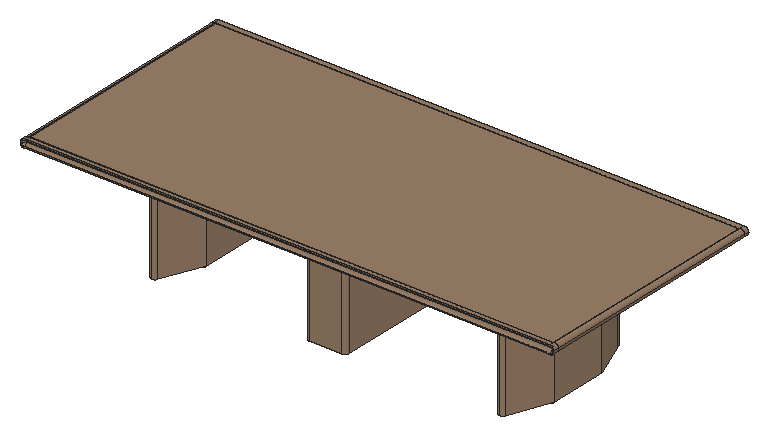
Revit family "Table-Teknion-CFTBCH_Figure_Table_Rectangular_Hexa_Panel_Base_Bullnose_Cove_Edge-R2023", category Furniture, Revit 2023 (continued)
Definition of nested family "Softened Panel"
  Lines and regions (in)
    symbolic lines, detail levels fine
      curve 52: arc (4.14645, 16.646, 0) -> (3.64645, 16.146, 0) -> (3.14645, 16.646, 0) r 0.5
      curve 53: line (3.82713, -16.3335, 0) -> (3.46628, -16.3335, 0)
      curve 54: line (3.46628, -16.3335, 0) -> (3.28586, -16.646, 0)
      curve 55: line (3.28586, -16.646, 0) -> (3.46628, -16.9585, 0)
      curve 56: line (3.46628, -16.9585, 0) -> (3.82713, -16.9585, 0)
      curve 57: line (3.82713, -16.9585, 0) -> (4.00755, -16.646, 0)
      curve 58: line (4.00755, -16.646, 0) -> (3.82713, -16.3335, 0)
      curve 59: arc (4.14645, -16.646, 0) -> (3.64645, -16.146, 0) -> (3.14645, -16.646, 0) r 0.5
      curve 60: arc (3.14645, -16.646, 0) -> (3.64645, -17.146, 0) -> (4.14645, -16.646, 0) r 0.5
      curve 61: arc (-3.14645, -16.646, 0) -> (-3.64645, -16.146, 0) -> (-4.14645, -16.646, 0) r 0.5
      curve 62: arc (-4.14645, -16.646, 0) -> (-3.64645, -17.146, 0) -> (-3.14645, -16.646, 0) r 0.5
      curve 63: line (-3.46628, -16.3335, 0) -> (-3.82713, -16.3335, 0)
      curve 64: line (-3.82713, -16.3335, 0) -> (-4.00755, -16.646, 0)
      curve 65: line (-4.00755, -16.646, 0) -> (-3.82713, -16.9585, 0)
      curve 66: line (-3.82713, -16.9585, 0) -> (-3.46628, -16.9585, 0)
      curve 67: line (-3.46628, -16.9585, 0) -> (-3.28586, -16.646, 0)
      curve 68: line (-3.28586, -16.646, 0) -> (-3.46628, -16.3335, 0)
    symbolic lines, visible <- "2D - 30W", detail levels fine
      curve 31: line (-5, 3, 0) -> (-4.25, 3, 0)
      curve 32: line (-5, -3, 0) -> (-4.25, -3, 0)
      curve 33: line (4.25, -3, 0) -> (5, -3, 0)
      curve 34: line (4.25, 3, 0) -> (5, 3, 0)
    symbolic lines, visible <- "2D - 36W", detail levels medium+fine
      curve 35: line (5, 5, 0) -> (-5, 5, 0)
      curve 36: line (-5, -5, 0) -> (5, -5, 0)
  Dimensions and locks (in)
    plane 4 "Left" to plane 5 "Right" = 10.000"
    "Panel Width": plane 6 "Back" to plane 7 "Front"
    locked: plane 8 "Top" to level at 26.75
    equal spacing: plane 6 "Back", plane 1 "Center Front/Back", plane 7 "Front"
    equal spacing: plane 4 "Left", plane 3 "Center Left/Right", plane 5 "Right"
    locked: plane 6 "Back" to plane 10 "2" at 1.354
    locked: plane 7 "Front" to plane 9 "1" at 1.354
    locked: plane 11 to plane 2 at 0.5
    locked: Revolve 1 sketch curve to plane 2 at 0.25
    Revolve 1 sketch curve to Revolve 1 sketch curve to plane 4 "Left" = 0.500" locked, 0.85355" locked
    locked: Revolve 2 sketch curve to plane 2 at 0.25
    Revolve 2 sketch curve to Revolve 2 sketch curve to plane 5 "Right" = 0.500" locked, 1.35355" locked
    locked: Revolve 2 sketch curve to plane 5 "Right" at 1.35355
    Revolve 3 sketch curve to Revolve 3 sketch curve to plane 4 "Left" = 0.500" locked, 0.85355" locked
    locked: Revolve 3 sketch curve to plane 2 at 0.25
    locked: Revolve 4 sketch curve to plane 2 at 0.25
    Revolve 4 sketch curve to Revolve 4 sketch curve to plane 5 "Right" = 0.500" locked, 1.35355" locked
    locked: Revolve 4 sketch curve to plane 5 "Right" at 1.35355
    locked: Sweep 5 sketch curve to plane 2 at 0.25
    plane 4 "Left" to Sweep 5 sketch curve to Sweep 5 sketch curve to Sweep 5 sketch curve to Sweep 5 sketch curve to Sweep 5 sketch curve to Sweep 5 sketch curve = 0.99245" locked, 0.18042" locked, 0.000" locked, 0.36084" locked, 0.000" locked, 0.18042" locked  (x2)
    Sweep 5 sketch curve to Sweep 5 sketch curve to Sweep 5 sketch curve to Sweep 5 sketch curve to Sweep 5 sketch curve to Sweep 5 sketch curve to plane 5 "Right" = 0.18042" locked, 0.000" locked, 0.36084" locked, 0.000" locked, 0.18042" locked, 0.99245" locked  (x2)
    Sweep 5 sketch curve to plane 9 "1" to Sweep 5 sketch curve = 0.3125" locked, 0.3125" locked  (x2)
    Sweep 5 sketch curve to plane 10 "2" to Sweep 5 sketch curve = 0.3125" locked, 0.3125" locked  (x2)
    locked: plane 4 "Left" to Revolve 1 sketch curve at 1.35355
    locked: plane 4 "Left" to Revolve 3 sketch curve at 1.35355
    locked: plane 6 "Back" to Sweep 6 sketch curve at 1  (x2)
    locked: plane 7 "Front" to Sweep 6 sketch curve at 1  (x2)
    locked: plane 4 "Left" to Sweep 6 sketch curve at 1  (x2)
    locked: Sweep 6 sketch curve to plane 5 "Right" at 1  (x2)
    "Cut 1": Sweep 7 sketch curve to Sweep 7 sketch curve
    Sweep 7 sketch curve to Sweep 7 sketch curve to plane 1 "Center Front/Back" to Sweep 7 sketch curve to Sweep 7 sketch curve = 0.500" locked, 4.500" locked, 4.500" locked, 0.500" locked
    Sweep 7 sketch curve to plane 8 "Top" to Sweep 7 sketch curve = 0.750" locked, 2.750" locked
    locked: Sweep 8 sketch curve to plane 11 at 0.75
    locked: plane 8 "Top" to Sweep 8 sketch curve at 0.75
    locked: Sweep 8 sketch curve to plane 7 "Front" at 0.75
    locked: Sweep 8 sketch curve to plane 6 "Back" at 0.75
    locked: plane 4 "Left" to Sweep 8 sketch curve at 0.75
    locked: Sweep 8 sketch curve to plane 5 "Right" at 0.75
    locked: Sweep 9 sketch curve to plane 2 at 2
    Sweep 9 sketch curve to Sweep 9 sketch curve to Sweep 9 sketch curve to Sweep 9 sketch curve to Sweep 9 sketch curve to plane 1 "Center Front/Back" to Sweep 9 sketch curve to Sweep 9 sketch curve to Sweep 9 sketch curve to Sweep 9 sketch curve to Sweep 9 sketch curve = 0.500" locked, 0.000" locked, 1.85425" locked, 0.000" locked, 2.64575" locked, 2.64575" locked, 0.000" locked, 1.85425" locked, 0.000" locked, 0.500" locked
    Sweep 9 sketch curve to Sweep 9 sketch curve to plane 3 "Center Left/Right" to Sweep 9 sketch curve to Sweep 9 sketch curve = 0.500" locked, 2.500" locked, 2.500" locked, 0.500" locked
    Sweep 10 sketch curve to Sweep 10 sketch curve to plane 3 "Center Left/Right" = 5.000" locked, 2.500" locked
    Sweep 10 sketch curve to Sweep 10 sketch curve to Sweep 10 sketch curve to Sweep 10 sketch curve to plane 11 = 1.500" locked, 16.400" locked, 0.100" locked, 4.000" locked
    Sweep 10 sketch curve to Sweep 10 sketch curve to Sweep 10 sketch curve to plane 1 "Center Front/Back" to Sweep 10 sketch curve to Sweep 10 sketch curve to Sweep 10 sketch curve = 0.100" locked, 0.400" locked, 3.500" locked, 3.500" locked, 0.400" locked, 0.100" locked
    locked: Sweep 7 sketch curve to plane 4 "Left" at 2.5
    locked: plane 3 "Center Left/Right" to Sweep 11 sketch curve at 7.5
    "Cut 2": Sweep 11 sketch curve to Sweep 11 sketch curve
    Sweep 11 sketch curve to Sweep 11 sketch curve to plane 1 "Center Front/Back" to Sweep 11 sketch curve to Sweep 11 sketch curve = 0.250" locked, 2.750" locked, 2.750" locked, 0.250" locked
    Sweep 11 sketch curve to Sweep 11 sketch curve to Sweep 11 sketch curve to Sweep 11 sketch curve to plane 8 "Top" = 0.250" locked, 1.500" locked, 0.250" locked, 0.750" locked
    locked: Sweep 12 sketch curve to plane 8 "Top" at 2
    "Cut 3": Sweep 12 sketch curve to Sweep 12 sketch curve
    Sweep 12 sketch curve to Sweep 12 sketch curve to plane 3 "Center Left/Right" to Sweep 12 sketch curve to Sweep 12 sketch curve = 0.500" locked, 2.500" locked, 2.500" locked, 0.500" locked
    Sweep 12 sketch curve to Sweep 12 sketch curve to plane 1 "Center Front/Back" to Sweep 12 sketch curve to Sweep 12 sketch curve = 0.500" locked, 4.500" locked, 4.500" locked, 0.500" locked
    aligned and locked: level to plane 2
    aligned and locked: plane 2 to Revolve 1 sketch curve
    aligned and locked: plane 2 to Revolve 2 sketch curve
    aligned and locked: plane 2 to Revolve 3 sketch curve
    aligned and locked: plane 2 to Revolve 4 sketch curve
    aligned and locked: plane 11 to Sweep 5 sketch curve
    aligned and locked: Sweep 5 sketch curve to plane 3 "Center Left/Right"
    aligned and locked: plane 9 "1" to Sweep 5 sketch curve  (x4)
    aligned and locked: plane 10 "2" to Sweep 5 sketch curve  (x4)
    aligned and locked: plane 11 to Sweep 6 sketch curve
    aligned and locked: plane 8 "Top" to Sweep 6 sketch curve
    aligned and locked: Sweep 6 sketch curve to plane 3 "Center Left/Right"
    aligned and locked: Sweep 6 sketch curve to plane 7 "Front"
    aligned and locked: plane 4 "Left" to Sweep 6 sketch curve
    aligned and locked: plane 6 "Back" to Sweep 6 sketch curve
    aligned and locked: Sweep 7 sketch curve to plane 1 "Center Front/Back"
    aligned and locked: Sweep 8 sketch curve to plane 3 "Center Left/Right"
    aligned and locked: plane 2 to Sweep 9 sketch curve
    aligned and locked: plane 3 "Center Left/Right" to Sweep 9 sketch curve  (x3)
    aligned and locked: Sweep 9 sketch curve to Sweep 9 sketch curve
    aligned and locked: Sweep 10 sketch curve to plane 1 "Center Front/Back"
    aligned and locked: curve 2 to cut or joined group of Sweep 6, Sweep 7, Sweep 8, Sweep 9, Sweep 10, Sweep 11, Sweep 12
    aligned and locked: curve 4 to cut or joined group of Sweep 6, Sweep 7, Sweep 8, Sweep 9, Sweep 10, Sweep 11, Sweep 12
    aligned and locked: curve 6 to cut or joined group of Sweep 6, Sweep 7, Sweep 8, Sweep 9, Sweep 10, Sweep 11, Sweep 12
    aligned and locked: curve 8 to cut or joined group of Sweep 6, Sweep 7, Sweep 8, Sweep 9, Sweep 10, Sweep 11, Sweep 12
    aligned and locked: curve 9 to cut or joined group of Sweep 6, Sweep 7, Sweep 8, Sweep 9, Sweep 10, Sweep 11, Sweep 12
    aligned and locked: curve 10 to cut or joined group of Sweep 6, Sweep 7, Sweep 8, Sweep 9, Sweep 10, Sweep 11, Sweep 12
    aligned and locked: curve 11 to cut or joined group of Sweep 6, Sweep 7, Sweep 8, Sweep 9, Sweep 10, Sweep 11, Sweep 12
    aligned and locked: curve 12 to cut or joined group of Sweep 6, Sweep 7, Sweep 8, Sweep 9, Sweep 10, Sweep 11, Sweep 12
    aligned and locked: curve 13 to cut or joined group of Sweep 6, Sweep 7, Sweep 8, Sweep 9, Sweep 10, Sweep 11, Sweep 12
    aligned and locked: curve 14 to cut or joined group of Sweep 6, Sweep 7, Sweep 8, Sweep 9, Sweep 10, Sweep 11, Sweep 12
    aligned and locked: curve 15 to cut or joined group of Sweep 6, Sweep 7, Sweep 8, Sweep 9, Sweep 10, Sweep 11, Sweep 12
    aligned and locked: curve 17 to cut or joined group of Sweep 6, Sweep 7, Sweep 8, Sweep 9, Sweep 10, Sweep 11, Sweep 12
    aligned and locked: curve 19 to cut or joined group of Sweep 6, Sweep 7, Sweep 8, Sweep 9, Sweep 10, Sweep 11, Sweep 12
    aligned and locked: curve 20 to cut or joined group of Sweep 6, Sweep 7, Sweep 8, Sweep 9, Sweep 10, Sweep 11, Sweep 12
    aligned and locked: curve 21 to cut or joined group of Sweep 6, Sweep 7, Sweep 8, Sweep 9, Sweep 10, Sweep 11, Sweep 12
    aligned and locked: curve 23 to cut or joined group of Sweep 6, Sweep 7, Sweep 8, Sweep 9, Sweep 10, Sweep 11, Sweep 12
    aligned and locked: curve 27 to cut or joined group of Sweep 6, Sweep 7, Sweep 8, Sweep 9, Sweep 10, Sweep 11, Sweep 12
    aligned and locked: curve 28 to cut or joined group of Sweep 6, Sweep 7, Sweep 8, Sweep 9, Sweep 10, Sweep 11, Sweep 12
    aligned and locked: curve 29 to cut or joined group of Sweep 6, Sweep 7, Sweep 8, Sweep 9, Sweep 10, Sweep 11, Sweep 12
    aligned and locked: curve 30 to cut or joined group of Sweep 6, Sweep 7, Sweep 8, Sweep 9, Sweep 10, Sweep 11, Sweep 12
    aligned and locked: curve 34 to Sweep 11
    aligned and locked: curve 31 to Sweep 11
    aligned and locked: curve 33 to Sweep 11
    aligned and locked: curve 32 to Sweep 11
    aligned and locked: curve 35 to cut or joined group of Sweep 6, Sweep 7, Sweep 8, Sweep 9, Sweep 10, Sweep 11, Sweep 12
    aligned and locked: curve 36 to cut or joined group of Sweep 6, Sweep 7, Sweep 8, Sweep 9, Sweep 10, Sweep 11, Sweep 12
    aligned and locked: curve 37 to cut or joined group of Revolve 1, Revolve 2, Revolve 3, Revolve 4, Sweep 5
    aligned and locked: curve 38 to cut or joined group of Revolve 1, Revolve 2, Revolve 3, Revolve 4, Sweep 5
    aligned and locked: curve 39 to cut or joined group of Revolve 1, Revolve 2, Revolve 3, Revolve 4, Sweep 5
    aligned and locked: curve 40 to cut or joined group of Revolve 1, Revolve 2, Revolve 3, Revolve 4, Sweep 5
    aligned and locked: curve 41 to cut or joined group of Revolve 1, Revolve 2, Revolve 3, Revolve 4, Sweep 5
    aligned and locked: curve 42 to cut or joined group of Revolve 1, Revolve 2, Revolve 3, Revolve 4, Sweep 5
    aligned and locked: curve 43 to cut or joined group of Revolve 1, Revolve 2, Revolve 3, Revolve 4, Sweep 5
    aligned and locked: curve 44 to cut or joined group of Revolve 1, Revolve 2, Revolve 3, Revolve 4, Sweep 5
    aligned and locked: curve 45 to cut or joined group of Revolve 1, Revolve 2, Revolve 3, Revolve 4, Sweep 5
    aligned and locked: curve 46 to cut or joined group of Revolve 1, Revolve 2, Revolve 3, Revolve 4, Sweep 5
    aligned and locked: curve 47 to cut or joined group of Revolve 1, Revolve 2, Revolve 3, Revolve 4, Sweep 5
    aligned and locked: curve 48 to cut or joined group of Revolve 1, Revolve 2, Revolve 3, Revolve 4, Sweep 5
    aligned and locked: curve 49 to cut or joined group of Revolve 1, Revolve 2, Revolve 3, Revolve 4, Sweep 5
    aligned and locked: curve 50 to cut or joined group of Revolve 1, Revolve 2, Revolve 3, Revolve 4, Sweep 5
    aligned and locked: curve 51 to cut or joined group of Revolve 1, Revolve 2, Revolve 3, Revolve 4, Sweep 5
    aligned and locked: curve 52 to cut or joined group of Revolve 1, Revolve 2, Revolve 3, Revolve 4, Sweep 5
    aligned and locked: curve 53 to cut or joined group of Revolve 1, Revolve 2, Revolve 3, Revolve 4, Sweep 5
    aligned and locked: curve 54 to cut or joined group of Revolve 1, Revolve 2, Revolve 3, Revolve 4, Sweep 5
    aligned and locked: curve 55 to cut or joined group of Revolve 1, Revolve 2, Revolve 3, Revolve 4, Sweep 5
    aligned and locked: curve 56 to cut or joined group of Revolve 1, Revolve 2, Revolve 3, Revolve 4, Sweep 5
    aligned and locked: curve 57 to cut or joined group of Revolve 1, Revolve 2, Revolve 3, Revolve 4, Sweep 5
    aligned and locked: curve 58 to cut or joined group of Revolve 1, Revolve 2, Revolve 3, Revolve 4, Sweep 5
    aligned and locked: curve 59 to cut or joined group of Revolve 1, Revolve 2, Revolve 3, Revolve 4, Sweep 5
    aligned and locked: curve 60 to cut or joined group of Revolve 1, Revolve 2, Revolve 3, Revolve 4, Sweep 5
    aligned and locked: curve 61 to cut or joined group of Revolve 1, Revolve 2, Revolve 3, Revolve 4, Sweep 5
    aligned and locked: curve 62 to cut or joined group of Revolve 1, Revolve 2, Revolve 3, Revolve 4, Sweep 5
    aligned and locked: curve 63 to cut or joined group of Revolve 1, Revolve 2, Revolve 3, Revolve 4, Sweep 5
    aligned and locked: curve 64 to cut or joined group of Revolve 1, Revolve 2, Revolve 3, Revolve 4, Sweep 5
    aligned and locked: curve 65 to cut or joined group of Revolve 1, Revolve 2, Revolve 3, Revolve 4, Sweep 5
    aligned and locked: curve 66 to cut or joined group of Revolve 1, Revolve 2, Revolve 3, Revolve 4, Sweep 5
    aligned and locked: curve 67 to cut or joined group of Revolve 1, Revolve 2, Revolve 3, Revolve 4, Sweep 5
    aligned and locked: curve 68 to cut or joined group of Revolve 1, Revolve 2, Revolve 3, Revolve 4, Sweep 5
  Automatic sketch dimensions
    Revolve 2 sketch curve to plane 11 = 0.0769"
    Revolve 2 sketch curve to level = 0.3269"
    level to Revolve 4 sketch curve = 0.45393"
    plane 11 to Revolve 4 sketch curve = 0.08613"
    plane 11 to Revolve 1 sketch curve = 0.250"
    Revolve 1 sketch curve to level = 0.62632"
    Revolve 3 sketch curve to plane 11 = 0.250"
    level to Revolve 3 sketch curve = 0.500"
    Sweep 11 sketch curve to plane 1 "Center Front/Back" = 0.000"
    Sweep 12 sketch curve to plane 3 "Center Left/Right" = 0.000"
    plane 10 "2" to curve 43 = 0.000"  (x2)
    plane 10 "2" to curve 51 = 0.000"  (x2)
    curve 60 to plane 9 "1" = 0.000"
    curve 59 to plane 9 "1" = 0.000"
    curve 61 to plane 9 "1" = 0.000"  (x2)
Definition of nested family "Teknion_2D_Node_Family-R2016"
  Reference planes (in)
    plane 1 "Center (Front/Back)": y = 0
    plane 2: z = 0
    plane 3 "Center (Left/Right)": x = 0
  Lines and regions (in)
    detail lines, in view "Ref. Level"
      curve 1: circle (0, 0, 0) r 1.25 normal (0, 0, 1)
      curve 2: line (1.91508, -1.91508, 0) -> (-1.91508, 1.91508, 0)
      curve 3: line (-1.91508, -1.91508, 0) -> (1.91508, 1.91508, 0)
Types (4): name | Width | S - Softened Panel | N - No Central Base | Model | 2D - Softened + 36" Panel Width | 2D - Hexa Panel | H - Hexa Panel | Dim 1 | Description | Cut - Central Base - Softened | Cut - Central Base - Hexa | Available Width
  (no name) | 132.000" | yes | no | "CFTBCH__SS_" | yes | no | no | 19.000" | "Figure Table, Rectangular, Hexa Panel Base, Bullnose Cove Edge, Softened Panel Central Base, Square Corner" | 15.000" | 0.300" | "132, 144, 156, 168, 180, 192, 204, 216, 228 & 240 Inch"
  No Central Base | 120.000" | no | yes | "CFTBCH__NS_" | no | no | no | 3.000" | "Figure Table, Rectangular, Hexa Panel Base, Bullnose Cove Edge, No Central Base, Square Corner" | 0.300" | 0.300" | "096, 108 & 120 Inch Only"
  Softened Panel Central Base | 132.000" | yes | no | "CFTBCH__SS_" | yes | no | no | 19.000" | "Figure Table, Rectangular, Hexa Panel Base, Bullnose Cove Edge, Softened Panel Central Base, Square Corner" | 15.000" | 0.300" | "132, 144, 156, 168, 180, 192, 204, 216, 228 & 240 Inch"
  Hexa Panel Central Base | 132.000" | no | no | "CFTBCH__HS_" | no | yes | yes | 19.000" | "Figure Table, Rectangular, Hexa Panel Base, Bullnose Cove Edge, Hexa Panel Central Base, Square Corner" | 0.300" | 15.000" | "132, 144, 156, 168, 180, 192, 204, 216, 228 & 240 Inch"
